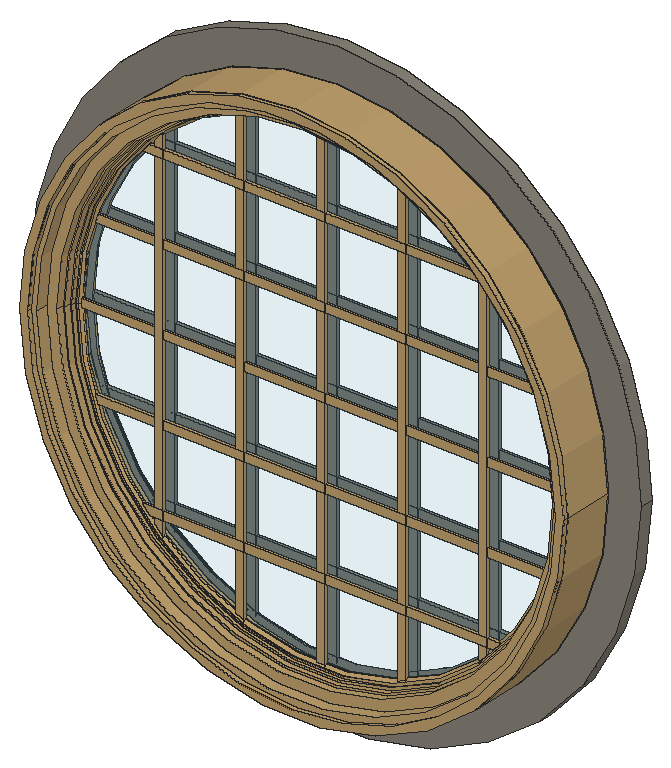
Revit family
Parameters (values of type "CUCAFCIR5150")
  Window Type = "Clad Ultimate Casement Full Circle RT27"
  URL = "www.marvin.com"
  Muntins Interior Visibility = yes
  Muntins Interior Material = Wood-Marvin-Pine
  Muntins Exterior Visibility = yes
  Muntins Exterior Material = Aluminum-Marvin-Bronze
  Mask Offset [instance] = if(Inset to Installation Flange = 0' 1 3/32", 0' 0 1/32", 0' 0")  # 0' - 0"
  Lites Wide = 6
  Lites High = 6
  Jamb Ext Radius = Radius - 0' 0 11/16"  # 1' - 11 9/16"
  Interior Material = Wood-Marvin-Pine
  Glass Radius = Radius - 0' 2 7/32"  # 1' - 10 1/32"
  Frame = "Aluminum Clad"
  Flat Casing Visibility = and(Casing Visibility, Flat Casing)  # yes
  Design Pressure = "DP50"
  Daylight Area = (3.1416 * DLO Radius ^ 2)  # 9.93867 SF
  Cladding Material = Aluminum-Marvin-Bronze
  Casing Width_2 = if(BMC, 0' 1 5/16", 0' 3")  # 0' - 3"
  Casing Visibility = yes
  BMC Visibility = and(Casing Visibility, BMC)  # no
  BMC = no
  Flat Casing = not(BMC)  # yes
  Glazing Material = Glass-Marvin-IG Low E II with Argon
  Radius = Width / 2  # 2' - 0 1/4"
  Nominal Width = 4' - 0"
  Nominal Height = Nominal Width  # 4' - 0"
  Model = "CUCAFCIR5150"
  Mask [instance] = Inset to Installation Flange > 0' 1 3/32"  # no
  Manufacturer = "Marvin Windows and Doors"
  Label Visibility = no
  Glass Type = "IG Low E II with Argon"
  Family created by = "www.rbuiltcomponents.com"
  Rough Width = Width + 0' 1"  # 4' - 1 1/2"
  Rough Height = Height + 0' 0 1/2"  # 4' - 1"
  Jamb Extension Visibility = yes
  Inset to Installation Flange [instance] = 0' - 1"
  Height = Nominal Height + 0' 0 1/2"  # 4' - 0 1/2"
  Description = "4848 FIXED FCIR27"
  Default Head Height = 8' - 0"
  Wall Closure = (empty or 0)
  Width = Nominal Width + 0' 0 1/2"  # 4' - 0 1/2"
  DLO Radius = Radius - 0' 2 29/32"  # 1' - 9 11/32"
  DLO Width = Width - 0' 5 13/16"  # 3' - 6 11/16"
  DLO Height = Height - 0' 5 13/16"  # 3' - 6 11/16"
  Casing Width = if(BMC Visibility, 0' 1 5/16", if(Flat Casing Visibility, 0' 3", 0' 0"))  # 0' - 3"
  Casing Radius = Radius + Casing Width  # 2' - 3 1/4"
  Assembly Code = ""
Reference planes (in)
  plane 1 "Center (Front/Back)": y = 0
  plane 2: z = 0
  plane 3 "Center (Left/Right)": x = -3
  plane 4 "Left": x = -27.25
  plane 5 "Right": x = 21.25
  plane 6 "Sill": z = 47.5
  plane 7 "Top": z = 96
  plane 8 "Inset": y = 2
  plane 9 "Glazing": y = 1.53125
  plane 10 "Jamb Ext Face": y = -2.5625
  plane 11: z = 71.75
  plane 12: y = -2.59375
Forms (in)
  Sweep 1, solid, material "Wood-Marvin-Pine" <- "Interior Material"
    path origin (0, 2, 0) x (1, 0, 0) y (0, 0, 1)
      loop
        circle (-3, 71.75) r 24.25
    profile "Profile_Ext_Clad_Frame : Profile_Ext_Clad_Frame" origin (-3, 2, 96) x (0, 0, -1) y (0, -1, 0)
      loop
        line (0, 4.56199) -> (0, 0.0625) -> (0.0625, 0.0625) -> (0.0625, 0) -> (0, 0) -> (0, -1.09401) -> (0.52105, -1.09401) -> (0.6063, 0.125) -> (2.696, 0.125) -> (2.696, 0.22017) -> (2.90625, 0.43042) -> (2.90625, 0.47297) -> (2.208, 0.47297) -> (2.208, 1.50299) -> (2.90625, 1.50299) -> (2.90625, 1.66374) -> (2.677, 1.89299) -> (2.677, 2) -> (2.5005, 2) -> (2.5005, 2.34399) -> (2.313, 2.34399) -> (2.313, 2.87449) -> (2.1255, 2.87449) -> (2.1255, 3.53074) -> (1.188, 3.53074) -> (1.188, 4.56199) -> (0, 4.56199)
  Extrusion 2, solid, material "Glass-Marvin-IG Low E II with Argon" <- "Glazing Material"
    sketch origin (0, 1.53125, 0) x (1, 0, 0) y (0, 0, 1)
      loop
        circle (-3, 71.75) r 22.03125
    from 0 to 1.03424
  Extrusion 3, void
    sketch origin (0, 0, 0) x (1, 0, 0) y (0, 0, 1)
      loop
        circle (-3, 71.75) r 24.25
    from -2 to 3
  Extrusion 4, void
    sketch origin (0, 0, 0) x (1, 0, 0) y (0, 0, 1)
      loop
        circle (-3, 71.75) r 27.25
    from -2 to -3.12756
  Sweep 5, solid, material "Aluminum-Marvin-Bronze" <- "Cladding Material", visible <- "BMC Visibility"
    path origin (0, 2, 0) x (1, 0, 0) y (0, 0, 1)
      loop
        circle (-3, 71.75) r 24.25
    profile "BMC_Clad : BMC_Clad" origin (-3, 2, 96) x (0, 0, -1) y (0, -1, 0)
      loop
        line (-0.71589, -1.25) -> (-0.38081, -1.09375) -> (0, -1.09375) -> (0, 0) -> (-1.3125, 0) -> (-1.3125, -1.25) -> (-0.71589, -1.25)
  Sweep 6, solid, material "Aluminum-Marvin-Bronze" <- "Cladding Material", visible <- "Flat Casing Visibility"
    path origin (0, 2, 0) x (1, 0, 0) y (0, 0, 1)
      loop
        circle (-3, 71.75) r 24.25
    profile "Flat_Casing_Clad : Flat_Casing_Clad" origin (-3, 2, 96) x (0, 0, -1) y (0, -1, 0)
      loop
        line (-3, -1.09375) -> (0, -1.09375) -> (0, 0) -> (-3, 0) -> (-3, -1.09375)
  Extrusion 7, solid, material "Wood-Marvin-Pine" <- "Interior Material", visible <- "Jamb Extension Visibility"
    sketch origin (0, -2.5625, 0) x (1, 0, 0) y (0, 0, 1)
      loop
        circle (-3, 71.75) r 24.25
      loop
        circle (-3, 71.75) r 23.5625
    from 0.4375 to 0.03125
Lines and regions (in)
  Masking region 1
    outline origin (0, 0, 47.5) x (0, -1, 0) y (1, 0, 0)
      loop
        line (-3.09375, -27.25) -> (2.5625, -27.25) -> (2.5625, 21.25) -> (-3.09375, 21.25) -> (-3.09375, -27.25)
  Masking region 2
    outline origin (-3, 0, 0) x (0, 1, 0) y (0, 0, 1)
      loop
        line (3.09375, 96) -> (-2.5625, 96) -> (-2.5625, 47.5) -> (3.09375, 47.5) -> (3.09375, 96)
  Masking region 3, visible <- "Mask"
    outline origin (0, 0, 47.5) x (0, -1, 0) y (1, 0, 0)
      loop
        line (-3.09375, -30.25) -> (-3, -30.25) -> (-3, 24.25) -> (-3.09375, 24.25) -> (-3.09375, -30.25)
  Masking region 4, visible <- "Mask"
    outline origin (-3, 0, 0) x (0, 1, 0) y (0, 0, 1)
      loop
        line (3.09375, 99) -> (3, 99) -> (3, 44.5) -> (3.09375, 44.5) -> (3.09375, 99)
  Masking region 5, visible <- "Casing Visibility"
    outline origin (0, 0, 47.5) x (0, -1, 0) y (1, 0, 0)
      loop
        line (-3.09375, -30.25) -> (-2, -30.25) -> (-2, -27.25) -> (-3.09375, -27.25) -> (-3.09375, -30.25)
      loop
        line (-3.09375, 21.25) -> (-2, 21.25) -> (-2, 24.25) -> (-3.09375, 24.25) -> (-3.09375, 21.25)
  Masking region 6, visible <- "Casing Visibility"
    outline origin (-3, 0, 0) x (0, 1, 0) y (0, 0, 1)
      loop
        line (3.09375, 99) -> (2, 99) -> (2, 96) -> (3.09375, 96) -> (3.09375, 99)
      loop
        line (3.09375, 44.5) -> (3.09375, 47.5) -> (2, 47.5) -> (2, 44.5) -> (3.09375, 44.5)
  Masking region 7
    outline origin (0, 0, 47.5) x (0, -1, 0) y (1, 0, 0)
      loop
        line (2.59375, -27.25) -> (3, -27.25) -> (3, 21.25) -> (2.59375, 21.25) -> (2.59375, -27.25)
  Masking region 8
    outline origin (-3, 0, 0) x (0, 1, 0) y (0, 0, 1)
      loop
        line (-2.59375, 96) -> (-3, 96) -> (-3, 47.5) -> (-2.59375, 47.5) -> (-2.59375, 96)
  symbolic lines, style "Jamb Extension", visible <- "Jamb Extension Visibility", detail levels fine
    curve 1: line (-3, -3, 95.3125) -> (-3, -2.59375, 95.3125)
    curve 2: line (-3, -3, 48.1875) -> (-3, -2.59375, 48.1875)
    curve 48: line (-26.5625, -2.59375, 47.5) -> (-26.5625, -3, 47.5)
    curve 49: line (20.55026, -3, 47.5) -> (20.55026, -2.59375, 47.5)
    curve 50: line (21.25, -3, 47.5) -> (20.55026, -3, 47.5)
    curve 51: line (-26.5625, -3, 47.5) -> (-27.25, -3, 47.5)
  symbolic lines, style "WindowsFrameMullionProjection", detail levels coarse+medium
    curve 3: line (21.25, -2.5625, 47.5) -> (20.062, -2.5625, 47.5)
    curve 4: line (20.062, -2.5625, 47.5) -> (20.062, 3.09375, 47.5)
    curve 5: line (20.062, 3.09375, 47.5) -> (21.25, 3.09375, 47.5)
    curve 6: line (20.062, 1.875, 47.5) -> (18.34375, 1.875, 47.5)
    curve 7: line (18.34375, 1.875, 47.5) -> (18.34375, 0, 47.5)
    curve 8: line (-26.062, 0, 47.5) -> (-24.34375, 0, 47.5)
    curve 9: line (-27.25, -2.5625, 47.5) -> (-26.062, -2.5625, 47.5)
    curve 10: line (-26.062, -2.5625, 47.5) -> (-26.062, 3.09375, 47.5)
    curve 11: line (-26.062, 3.09375, 47.5) -> (-27.25, 3.09375, 47.5)
    curve 12: line (-24.34375, 1.875, 47.5) -> (-24.34375, 0, 47.5)
    curve 13: line (-3, 3.09401, 96) -> (-3, 3.09401, 94.812)
    curve 14: line (-3, 3.09401, 94.812) -> (-3, -2.5625, 94.812)
    curve 15: line (-3, -2.5625, 94.812) -> (-3, -2.5625, 96)
    curve 16: line (-3, 1.875, 94.812) -> (-3, 1.875, 93.09375)
    curve 17: line (-3, 1.875, 93.09375) -> (-3, 0, 93.09375)
    curve 18: line (-3, 0, 48.688) -> (-3, 0, 50.40625)
    curve 19: line (-3, 3.09401, 47.5) -> (-3, 3.09401, 48.688)
    curve 20: line (-3, 3.09401, 48.688) -> (-3, -2.5625, 48.688)
    curve 21: line (-3, -2.5625, 48.688) -> (-3, -2.5625, 47.5)
    curve 22: line (-3, 1.875, 50.40625) -> (-3, 0, 50.40625)
    curve 23: line (18.34375, 1.875, 47.5) -> (-24.34375, 1.875, 47.5)
    curve 24: line (18.34375, 0, 47.5) -> (20.062, 0, 47.5)
    curve 25: line (-24.34375, 1.875, 47.5) -> (-26.062, 1.875, 47.5)
    curve 26: line (-3, 0, 50.40625) -> (-3, 0, 93.09375)
    curve 27: line (-3, 1.875, 50.40625) -> (-3, 1.875, 48.688)
    curve 28: line (-3, 0, 93.09375) -> (-3, 0, 94.812)
    curve 29: line (-3, 1.875, 93.09375) -> (-3, 1.875, 50.40625)
    curve 37: line (-24.34375, 0, 47.5) -> (18.34375, 0, 47.5)
    curve 72: line (-3, -3, 96) -> (-3, 3.09375, 96)
    curve 83: line (-27.25, 3.09349, 47.5) -> (-27.25, -3, 47.5)
    curve 84: line (21.25, -3, 47.5) -> (21.25, 3.09349, 47.5)
    curve 88: line (-3, -3, 47.5) -> (-3, 3.09375, 47.5)
  symbolic lines, style "Jamb Extension", visible <- "Jamb Extension Visibility"
    curve 30: line (-3, -3, 48.1875) -> (-3, -3, 47.5)
    curve 31: line (-3, -3, 95.3125) -> (-3, -3, 96)
  symbolic lines, style "WindowsFrameMullionProjection", visible <- "Jamb Extension Visibility", detail levels coarse+medium
    curve 32: line (-3, -2.59375, 95.3125) -> (-3, -3, 95.3125)
    curve 33: line (-3, -3, 95.3125) -> (-3, -3, 96)
    curve 34: line (-3, -2.59375, 48.1875) -> (-3, -3, 48.1875)
    curve 35: line (-3, -3, 48.1875) -> (-3, -3, 47.5)
    curve 52: line (-26.5625, -2.59375, 47.5) -> (-26.5625, -3, 47.5)
    curve 53: line (-27.25, -3, 47.5) -> (-26.5625, -3, 47.5)
    curve 54: line (20.55026, -3, 47.5) -> (20.55026, -2.59375, 47.5)
    curve 55: line (20.55026, -3, 47.5) -> (21.25, -3, 47.5)
  symbolic lines, style "WindowsGlassProjection", detail levels coarse+medium
    curve 36: line (-24.34375, 0.9375, 47.5) -> (18.34375, 0.9375, 47.5)
    curve 68: line (-3, 0.9375, 50.40625) -> (-3, 0.9375, 93.09375)
  symbolic lines, style "Jamb Extension", visible <- "BMC Visibility", detail levels fine
    curve 38: line (-28.5625, 3.24974, 47.5) -> (-27.96589, 3.24974, 47.5)
    curve 39: line (-27.96589, 3.24974, 47.5) -> (-27.63081, 3.09349, 47.5)
    curve 40: line (-28.5625, 3.09375, 47.5) -> (-28.5625, 3.24974, 47.5)
    curve 41: line (21.96589, 3.24974, 47.5) -> (22.5625, 3.24974, 47.5)
    curve 42: line (21.63081, 3.09349, 47.5) -> (21.96589, 3.24974, 47.5)
    curve 43: line (22.5625, 3.24974, 47.5) -> (22.5625, 3.09375, 47.5)
    curve 44: line (-27.63081, 3.09349, 47.5) -> (-27.25, 3.09349, 47.5)
    curve 45: line (21.63081, 3.09349, 47.5) -> (21.25, 3.09349, 47.5)
    curve 74: line (-3, 3.25, 96.65144) -> (-3, 3.25, 99)
    curve 75: line (-3, 3.09375, 96) -> (-3, 3.09375, 96.38081)
    curve 76: line (-3, 3.09375, 96.38081) -> (-3, 3.25, 96.65144)
    curve 77: line (-3, 3.25, 99) -> (-3, 3.09375, 99)
    curve 90: line (-3, 3.25, 46.84856) -> (-3, 3.25, 44.5)
    curve 91: line (-3, 3.09375, 47.5) -> (-3, 3.09375, 47.11919)
    curve 92: line (-3, 3.09375, 47.11919) -> (-3, 3.25, 46.84856)
    curve 93: line (-3, 3.25, 44.5) -> (-3, 3.09375, 44.5)
  symbolic lines, style "Jamb Extension", visible <- "Flat Casing Visibility", detail levels fine
    curve 46: line (-27.25, 3.09375, 47.5) -> (-30.25, 3.09375, 47.5)
    curve 47: line (24.25, 3.09375, 47.5) -> (21.25, 3.09375, 47.5)
    curve 81: line (-3, 3.09375, 96) -> (-3, 3.09375, 99)
    curve 82: line (-3, 3.09375, 99) -> (-3, 2, 99)
    curve 97: line (-3, 3.09375, 47.5) -> (-3, 3.09375, 44.5)
    curve 98: line (-3, 3.09375, 44.5) -> (-3, 2, 44.5)
  symbolic lines, style "WindowsFrameMullionProjection", visible <- "BMC Visibility", detail levels coarse+medium
    curve 56: line (-28.5625, 2, 47.5) -> (-28.5625, 3.24974, 47.5)
    curve 57: line (-28.5625, 3.24974, 47.5) -> (-27.96589, 3.24974, 47.5)
    curve 58: line (-27.96589, 3.24974, 47.5) -> (-27.63081, 3.09349, 47.5)
    curve 59: line (-27.63081, 3.09349, 47.5) -> (-27.25, 3.09349, 47.5)
    curve 60: line (22.5625, 3.24974, 47.5) -> (22.5625, 2, 47.5)
    curve 61: line (21.63081, 3.09349, 47.5) -> (21.96589, 3.24974, 47.5)
    curve 62: line (21.96589, 3.24974, 47.5) -> (22.5625, 3.24974, 47.5)
    curve 63: line (21.25, 3.09349, 47.5) -> (21.63081, 3.09349, 47.5)
    curve 69: line (-3, 3.25, 96.65144) -> (-3, 3.25, 99)
    curve 70: line (-3, 3.09375, 96) -> (-3, 3.09375, 96.38081)
    curve 71: line (-3, 3.09375, 96.38081) -> (-3, 3.25, 96.65144)
    curve 73: line (-3, 3.25, 99) -> (-3, 2, 99)
    curve 85: line (-3, 3.25, 46.84856) -> (-3, 3.25, 44.5)
    curve 86: line (-3, 3.09375, 47.5) -> (-3, 3.09375, 47.11919)
    curve 87: line (-3, 3.09375, 47.11919) -> (-3, 3.25, 46.84856)
    curve 89: line (-3, 3.25, 44.5) -> (-3, 2, 44.5)
  symbolic lines, style "WindowsFrameMullionProjection", visible <- "Flat Casing Visibility", detail levels coarse+medium
    curve 64: line (24.25, 3.09375, 47.5) -> (21.25, 3.09375, 47.5)
    curve 65: line (24.25, 3.09375, 47.5) -> (24.25, 2, 47.5)
    curve 66: line (-30.25, 2, 47.5) -> (-30.25, 3.09375, 47.5)
    curve 67: line (-27.25, 3.09375, 47.5) -> (-30.25, 3.09375, 47.5)
    curve 79: line (-3, 3.09375, 96) -> (-3, 3.09375, 99)
    curve 80: line (-3, 3.09375, 99) -> (-3, 2, 99)
    curve 95: line (-3, 3.09375, 47.5) -> (-3, 3.09375, 44.5)
    curve 96: line (-3, 3.09375, 44.5) -> (-3, 2, 44.5)
  symbolic lines, style "WindowsFrameMullionProjection", visible <- "Casing Visibility", detail levels coarse+medium
    curve 78: line (-3, 2, 99) -> (-3, 2, 96)
    curve 94: line (-3, 2, 44.5) -> (-3, 2, 47.5)
    curve 99: line (-30.25, 2, 47.5) -> (-27.25, 2, 47.5)
    curve 100: line (21.25, 2, 47.5) -> (24.25, 2, 47.5)
Text (in)
  text "EXTERIOR" at (-58.6888, 50.90694, 0), in view "Ref. Level"
  text "INTERIOR" at (-58.6888, -37.76638, 0), in view "Ref. Level"
  text "Exterior" at (0, 43.65631, 123.19604), in view "Left"
  text "Exterior" at (0, 18.29385, 125.04747), in view "Right"
Dimensions and locks (in)
  equal spacing: plane 4 "Left", plane 3 "Center (Left/Right)", plane 5 "Right"
  "Width": plane 4 "Left" to plane 5 "Right"
  "Inset to Installation Flange": host wall to plane 8 "Inset"
  locked: plane 9 "Glazing" to plane 8 "Inset" at 0.46875
  locked: plane 10 "Jamb Ext Face" to plane 8 "Inset" at 4.5625
  "Default Head Height": plane 2 to plane 7 "Top"
  locked: nested 2 to host wall at 12.00106
  locked: plane 9 "Glazing" to Extrusion 2 at 1.03424
  locked: curve 32 to plane 7 "Top" at 0.6875
  locked: plane 6 "Sill" to curve 34 at 0.6875
  "Casing Width": Masking region 3 sketch curve to plane 4 "Left"
  "Casing Width": plane 5 "Right" to Masking region 3 sketch curve
  "Casing Width_2": Masking region 5 sketch curve to plane 4 "Left"
  "Casing Width_2": plane 5 "Right" to Masking region 5 sketch curve
  locked: Extrusion 4 to host wall at 0.12756
  "Casing Width": Masking region 4 sketch curve to plane 6 "Sill"
  "Casing Width": plane 7 "Top" to Masking region 4 sketch curve
  "Casing Width_2": plane 7 "Top" to Masking region 6 sketch curve
  "Height": plane 6 "Sill" to plane 7 "Top"
  equal spacing: plane 6 "Sill", plane 11, plane 7 "Top"
  locked: curve 56 to plane 4 "Left" at 1.3125
  locked: curve 58 to plane 4 "Left" at 0.71589
  locked: plane 4 "Left" to curve 52 at 0.6875
  plane 4 "Left" to curve 10 to curve 12 = 0' - 1.188" locked, 0' - 1.71825" locked
  locked: curve 8 to plane 9 "Glazing" at 1.53125
  locked: curve 24 to plane 9 "Glazing" at 1.53125
  plane 5 "Right" to curve 62 to curve 60 = 0' - 0.71589" locked, 0' - 0.59661" locked
  curve 7 to curve 4 to plane 5 "Right" = 0' - 1.71825" locked, 0' - 1.188" locked
  locked: curve 54 to plane 5 "Right" at 0.69974
  nested 4 to plane 9 "Glazing" = 0' - 1 1/32"  (x2)
  locked: plane 9 "Glazing" to nested 4 at 1.03125
  "Casing Width_2": Masking region 6 sketch curve to plane 6 "Sill"
  plane 7 "Top" to curve 76 to curve 76 = 0' - 0.38081" locked, 0' - 0.27063" locked
  curve 92 to curve 92 to plane 6 "Sill" = 0' - 0.27063" locked, 0' - 0.38081" locked
  locked: plane 12 to plane 10 "Jamb Ext Face" at 0.03125
  "Mask Offset": Masking region 3 sketch curve to host wall
  "Mask Offset": Masking region 4 sketch curve to host wall
  "Radius": radius of Sweep 1 sketch curve
  "Radius": radius of Extrusion 7 sketch curve
  "Radius": radius of Extrusion 3 sketch curve
  "Radius": radius of Sweep 6 sketch curve
  "Radius": radius of Sweep 5 sketch curve
  "Casing Radius": radius of Extrusion 4 sketch curve
  "Glass Radius": radius of Extrusion 2 sketch curve
  "Jamb Ext Radius": radius of Extrusion 7 sketch curve
  aligned and locked: nested 1 to plane 3 "Center (Left/Right)"
  aligned and locked: plane 8 "Inset" to nested 1
  aligned and locked: plane 5 "Right" to Masking region 1 sketch curve
  aligned and locked: Masking region 1 sketch curve to plane 4 "Left"
  aligned and locked: plane 7 "Top" to Masking region 2 sketch curve
  aligned and locked: Masking region 2 sketch curve to plane 6 "Sill"
  aligned and locked: plane 3 "Center (Left/Right)" to nested 2
  aligned and locked: curve 21 to plane 10 "Jamb Ext Face"
  aligned and locked: curve 30 to host wall
  aligned and locked: host wall to curve 33
  aligned and locked: plane 6 "Sill" to curve 35
  aligned and locked: Extrusion 2 to plane 9 "Glazing"
  aligned and locked: plane 9 "Glazing" to Extrusion 2
  aligned and locked: nested 3 to plane 6 "Sill"
  aligned and locked: curve 14 to nested 3
  aligned and locked: curve 13 to nested 3
  aligned and locked: curve 16 to nested 3
  aligned and locked: curve 28 to nested 3
  aligned and locked: curve 17 to nested 3
  aligned and locked: curve 19 to nested 3
  aligned and locked: curve 20 to nested 3
  aligned and locked: curve 22 to nested 3
  aligned and locked: curve 27 to nested 3
  aligned and locked: nested 3 to curve 18
  aligned and locked: Extrusion 3 to plane 8 "Inset"
  aligned and locked: host wall to Extrusion 3
  aligned and locked: host wall to Extrusion 7
  aligned and locked: plane 4 "Left" to Masking region 5 sketch curve
  aligned and locked: Masking region 5 sketch curve to plane 8 "Inset"  (x2)
  aligned and locked: Masking region 5 sketch curve to plane 5 "Right"
  aligned and locked: curve 7 to curve 36
  aligned and locked: curve 12 to curve 37
  aligned and locked: curve 8 to curve 37
  aligned and locked: plane 5 "Right" to curve 45
  aligned and locked: curve 46 to Masking region 5
  aligned and locked: plane 8 "Inset" to Extrusion 4
  aligned and locked: Masking region 5 to curve 64
  aligned and locked: nested 3 to plane 8 "Inset"
  aligned and locked: Masking region 6 sketch curve to plane 7 "Top"
  aligned and locked: Masking region 6 sketch curve to plane 8 "Inset"
  aligned and locked: curve 72 to nested 3
  aligned and locked: curve 73 to Masking region 6
  aligned and locked: curve 84 to plane 5 "Right"
  aligned and locked: curve 66 to Masking region 5
  aligned and locked: plane 4 "Left" to curve 83
  aligned and locked: curve 25 to nested 1
  aligned and locked: curve 65 to Masking region 5
  aligned and locked: curve 6 to nested 1
  aligned and locked: curve 78 to plane 8 "Inset"
  aligned and locked: curve 79 to Masking region 6
  aligned and locked: curve 80 to Masking region 6
  aligned and locked: plane 3 "Center (Left/Right)" to Sweep 1 sketch curve
  aligned and locked: plane 11 to Sweep 1 sketch curve
  aligned and locked: plane 3 "Center (Left/Right)" to Extrusion 7 sketch curve  (x2)
  aligned and locked: plane 11 to Extrusion 7 sketch curve  (x2)
  aligned and locked: plane 3 "Center (Left/Right)" to Extrusion 3 sketch curve
  aligned and locked: plane 11 to Extrusion 3 sketch curve
  aligned and locked: plane 3 "Center (Left/Right)" to Sweep 6 sketch curve
  aligned and locked: plane 11 to Sweep 6 sketch curve
  aligned and locked: plane 3 "Center (Left/Right)" to Sweep 5 sketch curve
  aligned and locked: plane 11 to Sweep 5 sketch curve
  aligned and locked: plane 3 "Center (Left/Right)" to Extrusion 4 sketch curve
  aligned and locked: plane 11 to Extrusion 4 sketch curve
  aligned and locked: plane 9 "Glazing" to nested 5
  aligned and locked: plane 11 to nested 5
  aligned and locked: nested 5 to plane 3 "Center (Left/Right)"
  aligned and locked: plane 3 "Center (Left/Right)" to nested 4
  aligned and locked: nested 4 to plane 11
  aligned and locked: plane 11 to Extrusion 2 sketch curve
  aligned and locked: plane 3 "Center (Left/Right)" to Extrusion 2 sketch curve
  aligned and locked: Masking region 5 sketch curve to Sweep 6
  aligned and locked: Sweep 6 to Masking region 5 sketch curve
  aligned and locked: Sweep 6 to Masking region 1 sketch curve
  aligned and locked: Masking region 3 sketch curve to Sweep 6
  aligned and locked: Sweep 6 to Masking region 6 sketch curve
  aligned and locked: Masking region 6 sketch curve to Sweep 6
  aligned and locked: plane 8 "Inset" to Masking region 6 sketch curve
  aligned and locked: Masking region 6 sketch curve to plane 6 "Sill"
  aligned and locked: curve 96 to Masking region 6
  aligned and locked: curve 93 to Masking region 6
  aligned and locked: curve 90 to Sweep 5
  aligned and locked: curve 91 to Sweep 6
  aligned and locked: plane 8 "Inset" to curve 94
  aligned and locked: Sweep 6 to Masking region 2 sketch curve
  aligned and locked: Masking region 4 sketch curve to Sweep 6
  aligned and locked: curve 99 to Masking region 5
  aligned and locked: curve 100 to Masking region 5
  aligned and locked: Extrusion 7 to curve 52
  aligned and locked: Extrusion 7 to curve 48
  aligned and locked: host wall to curve 84
  aligned and locked: Extrusion 7 to curve 54
  aligned and locked: Extrusion 7 to curve 49
  aligned and locked: Masking region 1 sketch curve to plane 10 "Jamb Ext Face"
  aligned and locked: host wall to curve 53
  aligned and locked: Masking region 7 sketch curve to plane 4 "Left"
  aligned and locked: plane 5 "Right" to Masking region 7 sketch curve
  aligned and locked: plane 12 to Masking region 7 sketch curve
  aligned and locked: Masking region 7 sketch curve to host wall
  aligned and locked: Extrusion 7 to curve 34
  aligned and locked: Extrusion 7 to curve 2
  aligned and locked: Extrusion 7 to curve 32
  aligned and locked: Extrusion 7 to curve 1
  aligned and locked: Extrusion 7 to plane 12
  aligned and locked: Masking region 2 sketch curve to plane 10 "Jamb Ext Face"
  aligned and locked: plane 7 "Top" to Masking region 8 sketch curve
  aligned and locked: Masking region 8 sketch curve to plane 6 "Sill"
  aligned and locked: plane 12 to Masking region 8 sketch curve
  aligned and locked: Masking region 8 sketch curve to host wall
Automatic sketch dimensions
  curve 9 to plane 10 "Jamb Ext Face" = 0' - 0"
  curve 3 to plane 10 "Jamb Ext Face" = 0' - 0"
  curve 67 to plane 4 "Left" = 0' - 0"
  curve 47 to plane 5 "Right" = 0' - 0"
  curve 62 to curve 43 = 0' - 0.15599"
  curve 56 to curve 40 = 0' - 0.15599"
  curve 38 to curve 39 = 0' - 0 5/32"
  curve 5 to curve 84 = 0' - 0.00026"
  plane 9 "Glazing" to curve 36 = 0' - 0 19/32"
  curve 38 to curve 58 = 0' - 0.33508"
  curve 42 to curve 41 = 0' - 0.33508"
  curve 15 to plane 10 "Jamb Ext Face" = 0' - 0"
  curve 19 to plane 6 "Sill" = 0' - 0"
  curve 13 to plane 7 "Top" = 0' - 0"
  plane 9 "Glazing" to curve 68 = 0' - 0 19/32"
  curve 70 to curve 69 = 0' - 0 5/32"
Nested families (in)
  nested 1: "Roundtop_Plan_Detail" at (-3, 2, 47.5) x (-1, 0, 0) z (0, 0, -1), type "Roundtop_Plan_Detail"
    with Width 4' - 0 1/2", Plan Swing RH no, Plan Swing Length 3' - 10 1/8", Plan Swing LH no
  nested 2: "Label Annotation 1-16 w" at (-3, 15.00106, 0), visible <- "Label Visibility", type "Label Annotation 1-16 w"
  nested 3: "Roundtop_Section_Detail" at (-3, 2, 47.5) x (0, -1, 0) z (1, 0, 0), type "Roundtop_Section_Detail", detail levels fine
    with Height 4' - 0 1/2"
  nested 4: "Muntins" at (-3, 0.5, 14.28125), Muntin Material <- "Muntins Interior Material", visible <- "Muntins Interior Visibility", type "Muntins"
    with Muntin Material Wood-Marvin-Pine
  nested 5: "Muntins" at (-3, 1.53125, 14.28125), Muntin Material <- "Muntins Exterior Material", visible <- "Muntins Exterior Visibility", type "Muntins"
    with Muntin Material Aluminum-Marvin-Bronze
Definition of nested family "Muntins"
  Parameters (values of type "Muntins")
    Radius = Width / 2 - 0' 0 1/8"  # 1' - 9 9/16"
    GlazingWidth = 3' - 6 11/16"
    GlazingHeight = 3' - 6 11/16"
    Width = GlazingWidth + 0' 0 11/16"  # 3' - 7 3/8"
    VerticalMuntins = if(LitesHorizontal < 3, 2, LitesHorizontal - 1)  # 5
    VertMuntVisible = LitesHorizontal > 2  # yes
    MuntinWidth = 0' - 0 3/4"
    MuntinDepth = 0' - 0 1/4"
    Muntin Material [instance] = none
    LitesVertical = 6
    LitesHorizontal = 6
    HorizontalMuntins = if(LitesVertical < 3, 2, LitesVertical - 1)  # 5
    HorizMuntVisible = LitesVertical > 2  # yes
    Height = GlazingHeight + 0' 0 11/16"  # 3' - 7 3/8"
    Inset Vert = if(LitesHorizontal < 3, (Width / 3) - (MuntinWidth / 2), (Width / LitesHorizontal) - (MuntinWidth / 2))  # 0' - 6.85417"
    Inset Horiz = if(LitesVertical < 3, (Height / 3) - (MuntinWidth / 2), (Height / LitesVertical) - (MuntinWidth / 2))  # 0' - 6.85417"
    CenterMuntinVertical = LitesHorizontal = 2  # no
    CenterMuntinHorizontal = LitesVertical = 2  # no
    Assembly Code = ""
  Reference planes (in)
    plane 1 "Center (Front/Back)": y = 0
    plane 2: z = 0
    plane 3 "Center (Left/Right)": x = 0
    plane 4: z = 35.78125
    plane 5: z = 57.46875
    plane 6: z = 79.15625
    plane 7: z = 72.30208
    plane 8: z = 42.63542
    plane 9: z = 78.8125
    plane 10: z = 36.125
    plane 11: x = -21.34375
    plane 12: x = 21.34375
    plane 13: x = -14.83333
    plane 14: x = -21.6875
    plane 15: x = 21.6875
    plane 16: x = 14.83333
  Forms (in)
    Extrusion 1, solid, material <- "Muntin Material", visible <- "CenterMuntinVertical", detail levels medium+fine
      sketch origin (9, 0, 0) x (1, 0, 0) y (0, 0, 1)
        loop
          line (-9.375, 79.15625) -> (-9.375, 35.78125) -> (-8.625, 35.78125) -> (-8.625, 79.15625) -> (-9.375, 79.15625)
      from 0 to 0.25 <- "MuntinDepth"
    Extrusion 2, solid, material <- "Muntin Material", visible <- "CenterMuntinHorizontal", detail levels medium+fine
      sketch origin (-0.0013, 0, 14.6875) x (1, 0, 0) y (0, 0, 1)
        loop
          line (-21.6862, 43.15625) -> (-21.6862, 42.40625) -> (21.6888, 42.40625) -> (21.6888, 43.15625) -> (-21.6862, 43.15625)
      from 0 to 0.25 <- "MuntinDepth"
    Extrusion 3, solid, material <- "Muntin Material", visible <- "VertMuntVisible", detail levels medium+fine
      sketch origin (-4.44345, 0, -2.90625) x (1, 0, 0) y (0, 0, 1)
        loop
          line (-10.38988, 82.0625) -> (-10.38988, 38.6875) -> (-9.63988, 38.6875) -> (-9.63988, 82.0625) -> (-10.38988, 82.0625)
      from 0 to 0.25 <- "MuntinDepth"
    Extrusion 4, solid, material <- "Muntin Material", visible <- "HorizMuntVisible", detail levels medium+fine
      sketch origin (6.3724, 0, -3.2619) x (1, 0, 0) y (0, 0, 1)
        loop
          line (-28.0599, 46.64732) -> (-28.0599, 45.89732) -> (15.3151, 45.89732) -> (15.3151, 46.64732) -> (-28.0599, 46.64732)
      from 0 to 0.25 <- "MuntinDepth"
    Extrusion 5, void
      sketch origin (0, 0, 0) x (1, 0, 0) y (0, 0, 1)
        loop
          circle (0, 57.46875) r 21.5625
        loop
          line (-25.6875, 83.15625) -> (-25.6875, 31.78125) -> (25.6875, 31.78125) -> (25.6875, 83.15625) -> (-25.6875, 83.15625)
      from -1 to 1
    Extrusion 6, solid, material <- "Muntin Material", visible <- "CenterMuntinVertical", detail levels coarse
      sketch origin (9, 0, 0) x (1, 0, 0) y (0, 0, 1)
        loop
          line (-9.03125, 79.15625) -> (-9.03125, 35.78125) -> (-8.96875, 35.78125) -> (-8.96875, 79.15625) -> (-9.03125, 79.15625)
      from 0 to 0.0625
    Extrusion 7, solid, material <- "Muntin Material", visible <- "VertMuntVisible", detail levels coarse
      sketch origin (-4.45908, 0, 0) x (1, 0, 0) y (0, 0, 1)
        loop
          line (-10.01488, 79.15625) -> (-10.01488, 35.78125) -> (-9.98363, 35.78125) -> (-9.98363, 79.15625) -> (-10.01488, 79.15625)
      from 0 to 0.0625
    Extrusion 8, solid, material <- "Muntin Material", visible <- "CenterMuntinHorizontal", detail levels coarse
      sketch origin (-0.0013, 0, 14.6875) x (1, 0, 0) y (0, 0, 1)
        loop
          line (-21.6862, 42.8125) -> (-21.6862, 42.75) -> (21.6888, 42.75) -> (21.6888, 42.8125) -> (-21.6862, 42.8125)
      from 0 to 0.0625
    Extrusion 9, solid, material <- "Muntin Material", visible <- "HorizMuntVisible", detail levels coarse
      sketch origin (0.3737, 0, -5.90253) x (1, 0, 0) y (0, 0, 1)
        loop
          line (-22.0612, 48.95982) -> (-22.0612, 48.89732) -> (21.3138, 48.89732) -> (21.3138, 48.95982) -> (-22.0612, 48.95982)
      from 0 to 0.0625
    Extrusion 10, solid, material <- "Muntin Material", visible <- "VertMuntVisible", detail levels medium+fine
      sketch origin (24.47321, 0, -2.90625) x (1, 0, 0) y (0, 0, 1)
        loop
          line (-10.38988, 82.0625) -> (-10.38988, 38.6875) -> (-9.63988, 38.6875) -> (-9.63988, 82.0625) -> (-10.38988, 82.0625)
      from 0 to 0.25 <- "MuntinDepth"
    Extrusion 11, solid, material <- "Muntin Material", visible <- "VertMuntVisible", detail levels coarse
      sketch origin (24.45759, 0, 0) x (1, 0, 0) y (0, 0, 1)
        loop
          line (-10.01488, 79.15625) -> (-10.01488, 35.78125) -> (-9.98363, 35.78125) -> (-9.98363, 79.15625) -> (-10.01488, 79.15625)
      from 0 to 0.0625
    Extrusion 12, solid, material <- "Muntin Material", visible <- "HorizMuntVisible", detail levels medium+fine
      sketch origin (6.3724, 0, 25.65476) x (1, 0, 0) y (0, 0, 1)
        loop
          line (-28.0599, 46.64732) -> (-28.0599, 45.89732) -> (15.3151, 45.89732) -> (15.3151, 46.64732) -> (-28.0599, 46.64732)
      from 0 to 0.25 <- "MuntinDepth"
    Extrusion 13, solid, material <- "Muntin Material", visible <- "HorizMuntVisible", detail levels coarse
      sketch origin (0.3737, 0, 23.01414) x (1, 0, 0) y (0, 0, 1)
        loop
          line (-22.0612, 48.95982) -> (-22.0612, 48.89732) -> (21.3138, 48.89732) -> (21.3138, 48.95982) -> (-22.0612, 48.95982)
      from 0 to 0.0625
    Extrusion 14, solid, material <- "Muntin Material", visible <- "VertMuntVisible", detail levels medium+fine
      sketch origin (2.78571, 0, -2.90625) x (1, 0, 0) y (0, 0, 1)
        loop
          line (-10.38988, 82.0625) -> (-10.38988, 38.6875) -> (-9.63988, 38.6875) -> (-9.63988, 82.0625) -> (-10.38988, 82.0625)
      from 0 to 0.25 <- "MuntinDepth"
    Extrusion 15, solid, material <- "Muntin Material", visible <- "VertMuntVisible", detail levels coarse
      sketch origin (2.77009, 0, 0) x (1, 0, 0) y (0, 0, 1)
        loop
          line (-10.01488, 79.15625) -> (-10.01488, 35.78125) -> (-9.98363, 35.78125) -> (-9.98363, 79.15625) -> (-10.01488, 79.15625)
      from 0 to 0.0625
    Extrusion 16, solid, material <- "Muntin Material", visible <- "VertMuntVisible", detail levels medium+fine
      sketch origin (10.01488, 0, -2.90625) x (1, 0, 0) y (0, 0, 1)
        loop
          line (-10.38988, 82.0625) -> (-10.38988, 38.6875) -> (-9.63988, 38.6875) -> (-9.63988, 82.0625) -> (-10.38988, 82.0625)
      from 0 to 0.25 <- "MuntinDepth"
    Extrusion 17, solid, material <- "Muntin Material", visible <- "VertMuntVisible", detail levels coarse
      sketch origin (9.99926, 0, 0) x (1, 0, 0) y (0, 0, 1)
        loop
          line (-10.01488, 79.15625) -> (-10.01488, 35.78125) -> (-9.98363, 35.78125) -> (-9.98363, 79.15625) -> (-10.01488, 79.15625)
      from 0 to 0.0625
    Extrusion 18, solid, material <- "Muntin Material", visible <- "VertMuntVisible", detail levels medium+fine
      sketch origin (17.24405, 0, -2.90625) x (1, 0, 0) y (0, 0, 1)
        loop
          line (-10.38988, 82.0625) -> (-10.38988, 38.6875) -> (-9.63988, 38.6875) -> (-9.63988, 82.0625) -> (-10.38988, 82.0625)
      from 0 to 0.25 <- "MuntinDepth"
    Extrusion 19, solid, material <- "Muntin Material", visible <- "VertMuntVisible", detail levels coarse
      sketch origin (17.22842, 0, 0) x (1, 0, 0) y (0, 0, 1)
        loop
          line (-10.01488, 79.15625) -> (-10.01488, 35.78125) -> (-9.98363, 35.78125) -> (-9.98363, 79.15625) -> (-10.01488, 79.15625)
      from 0 to 0.0625
    Extrusion 20, solid, material <- "Muntin Material", visible <- "HorizMuntVisible", detail levels medium+fine
      sketch origin (6.3724, 0, 3.96726) x (1, 0, 0) y (0, 0, 1)
        loop
          line (-28.0599, 46.64732) -> (-28.0599, 45.89732) -> (15.3151, 45.89732) -> (15.3151, 46.64732) -> (-28.0599, 46.64732)
      from 0 to 0.25 <- "MuntinDepth"
    Extrusion 21, solid, material <- "Muntin Material", visible <- "HorizMuntVisible", detail levels coarse
      sketch origin (0.3737, 0, 1.32664) x (1, 0, 0) y (0, 0, 1)
        loop
          line (-22.0612, 48.95982) -> (-22.0612, 48.89732) -> (21.3138, 48.89732) -> (21.3138, 48.95982) -> (-22.0612, 48.95982)
      from 0 to 0.0625
    Extrusion 22, solid, material <- "Muntin Material", visible <- "HorizMuntVisible", detail levels medium+fine
      sketch origin (6.3724, 0, 11.19643) x (1, 0, 0) y (0, 0, 1)
        loop
          line (-28.0599, 46.64732) -> (-28.0599, 45.89732) -> (15.3151, 45.89732) -> (15.3151, 46.64732) -> (-28.0599, 46.64732)
      from 0 to 0.25 <- "MuntinDepth"
    Extrusion 23, solid, material <- "Muntin Material", visible <- "HorizMuntVisible", detail levels coarse
      sketch origin (0.3737, 0, 8.5558) x (1, 0, 0) y (0, 0, 1)
        loop
          line (-22.0612, 48.95982) -> (-22.0612, 48.89732) -> (21.3138, 48.89732) -> (21.3138, 48.95982) -> (-22.0612, 48.95982)
      from 0 to 0.0625
    Extrusion 24, solid, material <- "Muntin Material", visible <- "HorizMuntVisible", detail levels medium+fine
      sketch origin (6.3724, 0, 18.4256) x (1, 0, 0) y (0, 0, 1)
        loop
          line (-28.0599, 46.64732) -> (-28.0599, 45.89732) -> (15.3151, 45.89732) -> (15.3151, 46.64732) -> (-28.0599, 46.64732)
      from 0 to 0.25 <- "MuntinDepth"
    Extrusion 25, solid, material <- "Muntin Material", visible <- "HorizMuntVisible", detail levels coarse
      sketch origin (0.3737, 0, 15.78497) x (1, 0, 0) y (0, 0, 1)
        loop
          line (-22.0612, 48.95982) -> (-22.0612, 48.89732) -> (21.3138, 48.89732) -> (21.3138, 48.95982) -> (-22.0612, 48.95982)
      from 0 to 0.0625
  Cuts and joins
    Extrusion 5 cuts Extrusion 3
    Extrusion 5 cuts Extrusion 7
    Extrusion 5 cuts Extrusion 10
    Extrusion 5 cuts Extrusion 11
    Extrusion 5 cuts Extrusion 12
    Extrusion 5 cuts Extrusion 13
    Extrusion 5 cuts Extrusion 4
    Extrusion 5 cuts Extrusion 9
    Extrusion 5 cuts Extrusion 14
    Extrusion 5 cuts Extrusion 15
    Extrusion 5 cuts Extrusion 18
    Extrusion 5 cuts Extrusion 19
    Extrusion 5 cuts Extrusion 24
    Extrusion 5 cuts Extrusion 25
    Extrusion 5 cuts Extrusion 20
    Extrusion 5 cuts Extrusion 21
  Dimensions and locks (in)
    "Inset Horiz": plane 6 to plane 7
    "Inset Horiz": plane 8 to plane 4
    equal spacing: plane 6, plane 5, plane 4
    "Height": plane 6 to plane 4
    "GlazingHeight": plane 9 to plane 10
    equal spacing: plane 9, plane 5, plane 10
    "GlazingWidth": plane 12 to plane 11
    equal spacing: plane 12, plane 3 "Center (Left/Right)", plane 11
    "MuntinWidth": Extrusion 1 sketch curve to Extrusion 1 sketch curve
    "Height": Extrusion 1 sketch curve to Extrusion 1 sketch curve
    "MuntinWidth": Extrusion 2 sketch curve to Extrusion 2 sketch curve
    "Width": Extrusion 2 sketch curve to Extrusion 2 sketch curve
    "MuntinWidth": Extrusion 3 sketch curve to Extrusion 3 sketch curve
    "Height": Extrusion 3 sketch curve to Extrusion 3 sketch curve
    "Width": plane 15 to plane 14
    equal spacing: plane 15, plane 3 "Center (Left/Right)", plane 14
    "Inset Vert": plane 13 to plane 14
    "Inset Vert": plane 15 to plane 16
    "MuntinWidth": Extrusion 4 sketch curve to Extrusion 4 sketch curve
    "Width": Extrusion 4 sketch curve to Extrusion 4 sketch curve
    Extrusion 6 sketch curve to plane 3 "Center (Left/Right)" to Extrusion 6 sketch curve = 0' - 0 1/32" locked, 0' - 0 1/32" locked
    "Height": Extrusion 6 sketch curve to Extrusion 6 sketch curve
    locked: Extrusion 7 sketch curve to Extrusion 7 sketch curve at 0.03125
    "Height": Extrusion 7 sketch curve to Extrusion 7 sketch curve
    locked: Extrusion 3 to Extrusion 7 at 0.35938
    equal spacing: Extrusion 8 sketch curve, plane 5, Extrusion 8 sketch curve
    "Width": Extrusion 8 sketch curve to Extrusion 8 sketch curve
    Extrusion 9 sketch curve to Extrusion 9 sketch curve = 0' - 0 1/16"
    "Width": Extrusion 9 sketch curve to Extrusion 9 sketch curve
    locked: Extrusion 9 to Extrusion 4 at 0.35937
    "MuntinWidth": Extrusion 10 sketch curve to Extrusion 10 sketch curve
    "Height": Extrusion 10 sketch curve to Extrusion 10 sketch curve
    locked: Extrusion 11 sketch curve to Extrusion 11 sketch curve at 0.03125
    "Height": Extrusion 11 sketch curve to Extrusion 11 sketch curve
    locked: Extrusion 10 to Extrusion 11 at 0.35938
    equal spacing: group 2, group 6, group 7, group 8, group 3  (x3)
    "MuntinWidth": Extrusion 12 sketch curve to Extrusion 12 sketch curve
    "Width": Extrusion 12 sketch curve to Extrusion 12 sketch curve
    Extrusion 13 sketch curve to Extrusion 13 sketch curve = 0' - 0 1/16"
    "Width": Extrusion 13 sketch curve to Extrusion 13 sketch curve
    locked: Extrusion 13 to Extrusion 12 at 0.35937
    equal spacing: group 4, group 9, group 10, group 11, group 5  (x3)
    locked: plane 14 to Extrusion 5 sketch curve at 4
    locked: Extrusion 5 sketch curve to plane 15 at 4
    locked: Extrusion 5 sketch curve to plane 6 at 4
    locked: plane 4 to Extrusion 5 sketch curve at 4
    "MuntinWidth": Extrusion 14 sketch curve to Extrusion 14 sketch curve
    "Height": Extrusion 14 sketch curve to Extrusion 14 sketch curve
    locked: Extrusion 15 sketch curve to Extrusion 15 sketch curve at 0.03125
    "Height": Extrusion 15 sketch curve to Extrusion 15 sketch curve
    locked: Extrusion 14 to Extrusion 15 at 0.35938
    "MuntinWidth": Extrusion 16 sketch curve to Extrusion 16 sketch curve
    "Height": Extrusion 16 sketch curve to Extrusion 16 sketch curve
    locked: Extrusion 17 sketch curve to Extrusion 17 sketch curve at 0.03125
    "Height": Extrusion 17 sketch curve to Extrusion 17 sketch curve
    locked: Extrusion 16 to Extrusion 17 at 0.35938
    "MuntinWidth": Extrusion 18 sketch curve to Extrusion 18 sketch curve
    "Height": Extrusion 18 sketch curve to Extrusion 18 sketch curve
    locked: Extrusion 19 sketch curve to Extrusion 19 sketch curve at 0.03125
    "Height": Extrusion 19 sketch curve to Extrusion 19 sketch curve
    locked: Extrusion 18 to Extrusion 19 at 0.35938
    "MuntinWidth": Extrusion 20 sketch curve to Extrusion 20 sketch curve
    "Width": Extrusion 20 sketch curve to Extrusion 20 sketch curve
    Extrusion 21 sketch curve to Extrusion 21 sketch curve = 0' - 0 1/16"
    "Width": Extrusion 21 sketch curve to Extrusion 21 sketch curve
    locked: Extrusion 21 to Extrusion 20 at 0.35937
    "MuntinWidth": Extrusion 22 sketch curve to Extrusion 22 sketch curve
    "Width": Extrusion 22 sketch curve to Extrusion 22 sketch curve
    Extrusion 23 sketch curve to Extrusion 23 sketch curve = 0' - 0 1/16"
    "Width": Extrusion 23 sketch curve to Extrusion 23 sketch curve
    locked: Extrusion 23 to Extrusion 22 at 0.35937
    "MuntinWidth": Extrusion 24 sketch curve to Extrusion 24 sketch curve
    "Width": Extrusion 24 sketch curve to Extrusion 24 sketch curve
    Extrusion 25 sketch curve to Extrusion 25 sketch curve = 0' - 0 1/16"
    "Width": Extrusion 25 sketch curve to Extrusion 25 sketch curve
    locked: Extrusion 25 to Extrusion 24 at 0.35937
    "Radius": radius of Extrusion 5 sketch curve
    aligned and locked: plane 6 to Extrusion 1  (x2)
    aligned and locked: Extrusion 1 to plane 4  (x3)
    aligned and locked: Extrusion 3 to plane 13  (x6)
    aligned and locked: Extrusion 3 to plane 4  (x4)
    aligned and locked: Extrusion 2 to plane 14
    aligned and locked: plane 15 to Extrusion 2
    aligned and locked: plane 6 to Extrusion 3  (x2)
    aligned and locked: Extrusion 4 to plane 14  (x2)
    aligned and locked: Extrusion 4 to plane 8  (x2)
    aligned and locked: plane 15 to Extrusion 4  (x2)
    aligned and locked: plane 6 to Extrusion 7
    aligned and locked: plane 6 to Extrusion 10
    aligned and locked: plane 6 to Extrusion 11
    aligned and locked: Extrusion 10 to plane 16
    aligned and locked: Extrusion 10 to plane 4
    aligned and locked: Extrusion 11 to plane 4
    aligned and locked: Extrusion 7 to plane 4
    aligned and locked: Extrusion 9 to plane 14
    aligned and locked: plane 15 to Extrusion 9
    aligned and locked: Extrusion 12 to plane 14
    aligned and locked: Extrusion 13 to plane 14
    aligned and locked: plane 7 to Extrusion 12
    aligned and locked: plane 15 to Extrusion 12
    aligned and locked: plane 15 to Extrusion 13
    aligned and locked: plane 3 "Center (Left/Right)" to Extrusion 5 sketch curve
    aligned and locked: plane 5 to Extrusion 5 sketch curve
  Automatic sketch dimensions
    Extrusion 1 sketch curve to plane 4 = 0' - 0"
    Extrusion 1 sketch curve to plane 3 "Center (Left/Right)" = 0' - 0 3/8"
    Extrusion 2 sketch curve to plane 14 = 0' - 0"
    Extrusion 2 sketch curve to plane 5 = 0' - 0 3/8"
    Extrusion 6 sketch curve to plane 4 = 0' - 0"
    Extrusion 8 sketch curve to plane 14 = 0' - 0"
    Extrusion 8 sketch curve to plane 5 = 0' - 0 1/32"
    Extrusion 9 sketch curve to Extrusion 9 sketch curve = 0' - 0 1/16"
    Extrusion 13 sketch curve to Extrusion 13 sketch curve = 0' - 0 1/16"
    Extrusion 21 sketch curve to Extrusion 21 sketch curve = 0' - 0 1/16"
    Extrusion 23 sketch curve to Extrusion 23 sketch curve = 0' - 0 1/16"
    Extrusion 25 sketch curve to Extrusion 25 sketch curve = 0' - 0 1/16"
Definition of nested family "Roundtop_Plan_Detail"
  Parameters (values of type "Roundtop_Plan_Detail")
    Width = 2' - 0"
    Swing Angle = 15.00°
    Plan Swing RH = yes
    Plan Swing Length = Width - 0' 2 3/8"  # 1' - 9 5/8"
    Plan Swing LH = yes
    Flange = not(Casing)  # no
    Casing = yes
    Assembly Code = ""
  Reference planes (in)
    plane 1 "Center (Front/Back)": y = 0
    plane 2: z = 0
    plane 3 "Center (Left/Right)": x = 0
    plane 4: x = -12
    plane 5: x = 12
    plane 6: x = -10.8125
    plane 7: x = 10.8125
    plane 8: y = -0.125
  Lines and regions (in)
    detail lines, style "Cut Lines", in view "Ref. Level", detail levels fine
      curve 1: line (-9.647, -0.50199, 0) -> (9.647, -0.50199, 0)
      curve 2: line (-9.647, -0.69049, 0) -> (9.647, -0.69049, 0)
      curve 3: line (-9.647, -1.31549, 0) -> (9.647, -1.31549, 0)
      curve 4: line (-9.647, -1.50299, 0) -> (9.647, -1.50299, 0)
    detail lines, style "DetailComponentsHiddenLines", in view "Ref. Level", visible <- "Plan Swing RH"
      curve 5: line (10.8125, -0.125, 0) -> (-10.07565, 5.47196, 0)
      curve 6: arc (-10.07565, 5.47196, 0) -> (-10.6275, 2.69763, 0) -> (-10.8125, -0.125, 0) r 21.625
    detail lines, style "DetailComponentsHiddenLines", in view "Ref. Level", visible <- "Plan Swing LH"
      curve 7: line (-10.8125, -0.125, 0) -> (10.07565, 5.47196, 0)
      curve 8: arc (10.07565, 5.47196, 0) -> (10.6275, 2.69763, 0) -> (10.8125, -0.125, 0) r 21.625
  Dimensions and locks (in)
    equal spacing: plane 4, plane 3 "Center (Left/Right)", plane 5
    "Width": plane 4 to plane 5
    locked: plane 4 to plane 6 at 1.1875
    locked: plane 7 to plane 5 at 1.1875
    locked: plane 8 to plane 1 "Center (Front/Back)" at 0.125
    "Plan Swing Length": curve 5 to curve 5
    "Plan Swing Length": curve 7 to curve 7
    "Swing Angle": angle curve 5 to plane 8
    "Swing Angle": angle plane 8 to curve 7
    aligned and locked: plane 1 "Center (Front/Back)" to nested 1
    aligned and locked: nested 1 to plane 4
    aligned and locked: plane 5 to nested 2
    aligned and locked: nested 2 to plane 1 "Center (Front/Back)"
    aligned and locked: nested 1 to curve 1
    aligned and locked: curve 1 to nested 1
    aligned and locked: curve 2 to nested 1  (x2)
    aligned and locked: nested 1 to curve 3
    aligned and locked: curve 3 to nested 1
    aligned and locked: curve 4 to nested 1  (x2)
  Automatic sketch dimensions
    curve 8 to plane 6 = 0' - 0"
    curve 7 to plane 6 = 0' - 0"
    curve 5 to plane 7 = 0' - 0"
    curve 6 to plane 7 = 0' - 0"
    curve 8 to plane 7 = 0' - 0"
    curve 5 to plane 8 = 0' - 0"
    curve 3 to plane 7 = 0' - 1.1655"
    curve 1 to curve 3 = 0' - 0"
    curve 4 to curve 3 = 0' - 0"
    curve 2 to curve 1 = 0' - 0"
  Nested families (in)
    nested 1: "Jamb_Detail" at (-12, 0, 0), type "Jamb_Detail", in view "Ref. Level", detail levels fine
      with Flange no
    nested 2: "Jamb_Detail" at (12, 0, 0) x (-1, 0, 0) z (0, 0, 1), type "Jamb_Detail", in view "Ref. Level", detail levels fine
      with Flange no
  Definition of nested family "Jamb_Detail"
    Parameters (values of type "Jamb_Detail")
      Flange = yes
      Assembly Code = ""
    Reference planes (in)
      plane 1 "Center (Front/Back)": y = 0
      plane 2: z = 0
      plane 3 "Center (Left/Right)": x = 0
    Lines and regions (in)
      detail lines, style "Cut Lines", in view "Ref. Level"
        curve 1: line (0, 4.56199, 0) -> (1.188, 4.56199, 0)
        curve 2: line (0, -1.09401, 0) -> (0, 4.56199, 0)
        curve 3: line (1.188, 4.56199, 0) -> (1.188, 0.53125, 0)
        curve 4: line (0.52105, -1.09401, 0) -> (0, -1.09401, 0)
        curve 5: line (0.625, 0.39248, 0) -> (0.52105, -1.09401, 0)
        curve 6: line (0.625, 0.39248, 0) -> (0.625, 2, 0)
        curve 12: line (1.188, 3.53074, 0) -> (2.1255, 3.53074, 0)
        curve 13: line (2.1255, 3.53074, 0) -> (2.1255, 2.87449, 0)
        curve 14: line (2.313, 2.87449, 0) -> (2.313, 2.34399, 0)
        curve 15: line (2.5005, 2.34399, 0) -> (2.5005, 2, 0)
        curve 16: line (2.1255, 2.87449, 0) -> (2.313, 2.87449, 0)
        curve 17: line (0.8125, 0.53125, 0) -> (1.188, 0.53125, 0)
        curve 18: line (0.8125, 0.125, 0) -> (0.8125, 0.53125, 0)
        curve 19: line (2.696, 0.125, 0) -> (0.8125, 0.125, 0)
        curve 20: line (2.696, 0.2358, 0) -> (2.696, 0.125, 0)
        curve 21: line (2.90625, 0.44605, 0) -> (2.696, 0.2358, 0)
        curve 22: line (2.208, 0.47297, 0) -> (2.90625, 0.47297, 0)
        curve 23: line (2.208, 1.50299, 0) -> (2.208, 0.47297, 0)
        curve 24: line (2.90625, 1.50299, 0) -> (2.208, 1.50299, 0)
        curve 25: line (2.90625, 1.66374, 0) -> (2.90625, 1.50299, 0)
        curve 26: line (2.677, 2, 0) -> (2.677, 1.89299, 0)
        curve 27: line (0.625, 2, 0) -> (2.677, 2, 0)
        curve 28: line (2.90625, 0.47297, 0) -> (2.90625, 0.44605, 0)
        curve 29: line (2.677, 1.89299, 0) -> (2.90625, 1.66374, 0)
        curve 30: line (2.5005, 2.34399, 0) -> (2.313, 2.34399, 0)
        curve 31: line (2.45402, 1.31549, 0) -> (2.45402, 0.69049, 0)
        curve 32: line (2.6605, 1.31549, 0) -> (2.6605, 0.69049, 0)
        curve 33: line (2.353, 1.50299, 0) -> (2.353, 1.31549, 0)
        curve 34: line (2.353, 0.69049, 0) -> (2.353, 0.50199, 0)
      detail lines, style "Cut Lines", in view "Ref. Level", visible <- "Flange"
        curve 7: line (-1.5, 0, 0) -> (-0.15, 0, 0)
        curve 8: line (0, -0.04501, 0) -> (-1.5, -0.04501, 0)
        curve 9: line (-1.5, -0.04501, 0) -> (-1.5, 0, 0)
        curve 10: line (-0.15, 0.10999, 0) -> (0, 0.10999, 0)
        curve 11: line (-0.15, 0, 0) -> (-0.15, 0.10999, 0)
    Dimensions and locks (in)
      aligned and locked: curve 25 to curve 28
      aligned and locked: curve 24 to curve 33
Definition of nested family "Label Annotation 1-16 w"
  Parameters
    Label = ""
    Egress Info = "EGRESS WDW"
    Description = "3648 CSMT"
  Reference planes (in)
    plane 1: y = 0
    plane 2: x = 0
  Text (in)
    label "Description Egress Info" at (0.00375, -0.00345, 0), shows "Description", "Egress Info"
Definition of nested family "Roundtop_Section_Detail"
  Parameters (values of type "Roundtop_Section_Detail")
    Height = 3' - 11 1/8"
    Flange = not(Casing)  # no
    Casing = yes
    Assembly Code = ""
  Reference planes (in)
    plane 1 "Center (Front/Back)": y = 0
    plane 2: z = 0
    plane 3 "Center (Left/Right)": x = 0
    plane 4: y = 47.125
  Lines and regions (in)
    detail lines, style "Cut Lines", in view "Ref. Level"
      curve 1: line (0.50199, 2.353, 0) -> (0.50199, 44.772, 0)
      curve 2: line (0.69049, 2.353, 0) -> (0.69049, 44.772, 0)
      curve 3: line (1.31549, 2.353, 0) -> (1.31549, 44.772, 0)
      curve 4: line (1.50299, 2.353, 0) -> (1.50299, 44.772, 0)
  Dimensions and locks (in)
    "Height": plane 4 to plane 1 "Center (Front/Back)"
    aligned and locked: nested 1 to plane 4
    aligned and locked: plane 3 "Center (Left/Right)" to nested 1
    aligned and locked: plane 3 "Center (Left/Right)" to nested 2
    aligned and locked: plane 1 "Center (Front/Back)" to nested 2
    aligned and locked: nested 2 to curve 1
    aligned and locked: curve 1 to nested 2
    aligned and locked: curve 2 to nested 2  (x2)
    aligned and locked: nested 2 to curve 3
    aligned and locked: curve 3 to nested 2
    aligned and locked: curve 4 to nested 2  (x2)
  Automatic sketch dimensions
    curve 3 to plane 4 = 0' - 2.353"
    curve 2 to curve 3 = 0' - 0"
    curve 4 to curve 3 = 0' - 0"
    curve 1 to curve 2 = 0' - 0"
  Nested families (in)
    nested 1: "Head_Detail" at (0, 47.125, 0), type "Head_Detail", in view "Ref. Level"
      with Flange no
    nested 2: "Sill_Detail" at (0, 0, 0), type "Jamb_Detail", in view "Ref. Level"
      with Flange no
  Definition of nested family "Head_Detail"
    Parameters (values of type "Head_Detail")
      Flange = yes
      Assembly Code = ""
    Reference planes (in)
      plane 1 "Center (Front/Back)": y = 0
      plane 2: z = 0
      plane 3 "Center (Left/Right)": x = 0
    Lines and regions (in)
      detail lines, style "Cut Lines", in view "Ref. Level"
        curve 1: line (4.56199, 0, 0) -> (4.56199, -1.188, 0)
        curve 2: line (-1.09401, 0, 0) -> (4.56199, 0, 0)
        curve 3: line (4.56199, -1.188, 0) -> (0.53125, -1.188, 0)
        curve 4: line (-1.09401, -0.52105, 0) -> (-1.09401, 0, 0)
        curve 5: line (0.39248, -0.625, 0) -> (-1.09401, -0.52105, 0)
        curve 6: line (0.39248, -0.625, 0) -> (2, -0.625, 0)
        curve 12: line (3.53074, -1.188, 0) -> (3.53074, -2.1255, 0)
        curve 13: line (3.53074, -2.1255, 0) -> (2.87449, -2.1255, 0)
        curve 14: line (2.87449, -2.313, 0) -> (2.34399, -2.313, 0)
        curve 15: line (2.34399, -2.5005, 0) -> (2, -2.5005, 0)
        curve 16: line (2.87449, -2.1255, 0) -> (2.87449, -2.313, 0)
        curve 17: line (0.53125, -0.8125, 0) -> (0.53125, -1.188, 0)
        curve 18: line (0.125, -0.8125, 0) -> (0.53125, -0.8125, 0)
        curve 19: line (0.125, -2.696, 0) -> (0.125, -0.8125, 0)
        curve 20: line (0.2358, -2.696, 0) -> (0.125, -2.696, 0)
        curve 21: line (0.44605, -2.90625, 0) -> (0.2358, -2.696, 0)
        curve 22: line (0.47297, -2.208, 0) -> (0.47297, -2.90625, 0)
        curve 23: line (1.50299, -2.208, 0) -> (0.47297, -2.208, 0)
        curve 24: line (1.50299, -2.90625, 0) -> (1.50299, -2.208, 0)
        curve 25: line (1.66374, -2.90625, 0) -> (1.50299, -2.90625, 0)
        curve 26: line (2, -2.677, 0) -> (1.89299, -2.677, 0)
        curve 27: line (2, -0.625, 0) -> (2, -2.677, 0)
        curve 28: line (0.47297, -2.90625, 0) -> (0.44605, -2.90625, 0)
        curve 29: line (1.89299, -2.677, 0) -> (1.66374, -2.90625, 0)
        curve 30: line (2.34399, -2.5005, 0) -> (2.34399, -2.313, 0)
        curve 31: line (1.31549, -2.45402, 0) -> (0.69049, -2.45402, 0)
        curve 32: line (1.31549, -2.6605, 0) -> (0.69049, -2.6605, 0)
        curve 33: line (1.50299, -2.353, 0) -> (1.31549, -2.353, 0)
        curve 34: line (0.69049, -2.353, 0) -> (0.50199, -2.353, 0)
      detail lines, style "Cut Lines", in view "Ref. Level", visible <- "Flange"
        curve 7: line (0, 1.5, 0) -> (0, 0.15, 0)
        curve 8: line (-0.04501, 0, 0) -> (-0.04501, 1.5, 0)
        curve 9: line (-0.04501, 1.5, 0) -> (0, 1.5, 0)
        curve 10: line (0.10999, 0.15, 0) -> (0.10999, 0, 0)
        curve 11: line (0, 0.15, 0) -> (0.10999, 0.15, 0)
    Dimensions and locks (in)
      aligned and locked: curve 25 to curve 28
      aligned and locked: curve 24 to curve 33
  Definition of nested family "Sill_Detail"
    Parameters (values of type "Jamb_Detail")
      Flange = yes
      Assembly Code = ""
    Reference planes (in)
      plane 1 "Center (Front/Back)": y = 0
      plane 2: z = 0
      plane 3 "Center (Left/Right)": x = 0
    Lines and regions (in)
      detail lines, style "Cut Lines", in view "Ref. Level"
        curve 1: line (4.56199, 0, 0) -> (4.56199, 1.188, 0)
        curve 2: line (-1.09401, 0, 0) -> (4.56199, 0, 0)
        curve 3: line (4.56199, 1.188, 0) -> (0.53125, 1.188, 0)
        curve 4: line (-1.09401, 0.52105, 0) -> (-1.09401, 0, 0)
        curve 5: line (0.39248, 0.625, 0) -> (-1.09401, 0.52105, 0)
        curve 6: line (0.39248, 0.625, 0) -> (2, 0.625, 0)
        curve 12: line (3.53074, 1.188, 0) -> (3.53074, 2.5005, 0)
        curve 13: line (3.53074, 2.5005, 0) -> (2, 2.5005, 0)
        curve 14: line (0.53125, 0.8125, 0) -> (0.53125, 1.188, 0)
        curve 15: line (0.125, 0.8125, 0) -> (0.53125, 0.8125, 0)
        curve 16: line (0.125, 2.696, 0) -> (0.125, 0.8125, 0)
        curve 17: line (0.2358, 2.696, 0) -> (0.125, 2.696, 0)
        curve 18: line (0.44605, 2.90625, 0) -> (0.2358, 2.696, 0)
        curve 19: line (0.47297, 2.208, 0) -> (0.47297, 2.90625, 0)
        curve 20: line (1.50299, 2.208, 0) -> (0.47297, 2.208, 0)
        curve 21: line (1.50299, 2.90625, 0) -> (1.50299, 2.208, 0)
        curve 22: line (1.66374, 2.90625, 0) -> (1.50299, 2.90625, 0)
        curve 23: line (2, 2.677, 0) -> (1.89299, 2.677, 0)
        curve 24: line (2, 0.625, 0) -> (2, 2.677, 0)
        curve 25: line (0.47297, 2.90625, 0) -> (0.44605, 2.90625, 0)
        curve 26: line (1.89299, 2.677, 0) -> (1.66374, 2.90625, 0)
        curve 27: line (1.31549, 2.45402, 0) -> (0.69049, 2.45402, 0)
        curve 28: line (1.31549, 2.6605, 0) -> (0.69049, 2.6605, 0)
        curve 29: line (1.50299, 2.353, 0) -> (1.31549, 2.353, 0)
        curve 30: line (0.69049, 2.353, 0) -> (0.50199, 2.353, 0)
      detail lines, style "Cut Lines", in view "Ref. Level", visible <- "Flange"
        curve 7: line (0, -1.5, 0) -> (0, -0.15, 0)
        curve 8: line (-0.04501, 0, 0) -> (-0.04501, -1.5, 0)
        curve 9: line (-0.04501, -1.5, 0) -> (0, -1.5, 0)
        curve 10: line (0.10999, -0.15, 0) -> (0.10999, 0, 0)
        curve 11: line (0, -0.15, 0) -> (0.10999, -0.15, 0)
